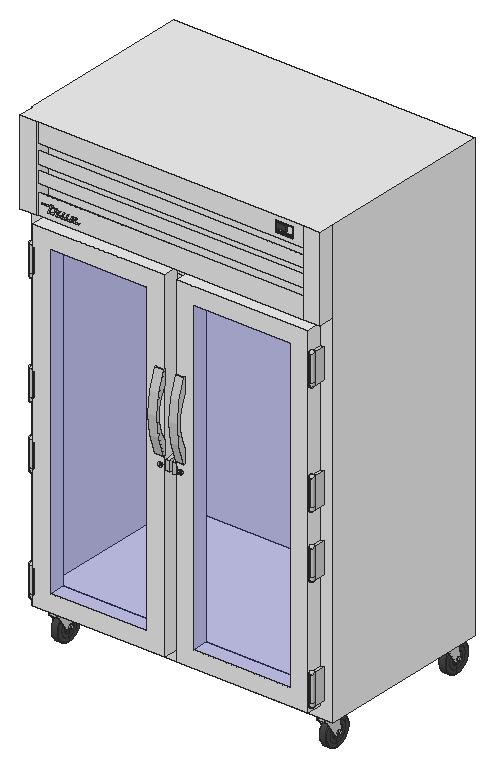
Revit family
Parameters
  Weight in Pounds = 0
  Watts = 3000 W
  Volts = 208 V
  URL Cutsheet = "www.truemfg.com"
  URL = "www.truemfg.com"
  Type Mark [instance] = ""
  Type Comments = ""
  Status [instance] = ""
  Specification by User [instance] = ""
  Specification by Manufacturer = ""
  Show Seismic Flanged [instance] = no
  Show Logo [instance] = yes
  Show Legs [instance] = no
  Show Clearance [instance] = yes
  Serial Number = ""
  Seismic Rating = ""
  Seismic Plate [instance] = and(Show Seismic Flanged, not(Show Casters))  # no
  SMACNA No = ""
  Revision Code [instance] = ""
  Phase = 1
  Omniclass Number and Title = ""
  Number of Poles [instance] = 1
  NAFEM Spec ID Number = ""
  Model = "STR2H-2G"
  Min Ckt Ampacity = 0 A
  Max Overcurrent Protection = 0 A
  Masterspec = ""
  Manufacturer = "TRUE FOOD SERVICE EQUIPMENT, INC."
  Length = 52 5/8"
  Legs [instance] = or(Show Legs, Show Seismic Flanged)  # no
  Item Number [instance] = ""
  Installed By [instance] = ""
  Identify Quantity as Lot [instance] = yes
  Height = 77 3/4"
  HP = ""
  Furnished By [instance] = ""
  Foodservice Equipment Identifier [instance] = yes
  FL Amps = Watts / Volts  # 14.4231 A
  Electrical Remarks [instance] = ""
  Electric Connection Type [instance] = ""
  Elec Conn RI Height [instance] = 0"
  Elec Conn Connection Height [instance] = 0"
  Description = "Reach-in Glass Swing Door Heated Cabinet"
  Depth = 33 3/4"
  Cycle = 60 Hz
  Conn Plug = "6-15P"
  Conn Conduit = yes
  Show Casters [instance] = and(not(if(Show Legs, Show Legs, Show Legs)), not(if(Show Legs, Show Legs, Show Seismic Flanged)))  # yes
  CSI MasterFormat = ""
  CSI Master Format = ""
  Apparent Power = if(Phase = 3, Volts * FL Amps * 1.73, Volts * FL Amps)  # 3000 VA
Reference planes (in)
  plane 1 "BACK": y = 0
  plane 2: z = 0
  plane 3 "LEFT": x = 0
  plane 4 "RIGHT": x = 52.625
  plane 5 "FRONT": y = -33.75
  plane 6 "TOP": z = 84.125
  plane 7: z = 6.125
  plane 8: x = 26.3125
  plane 9: x = 3
  plane 10: x = 49.9375
  plane 11: y = -33.7042
  plane 12: x = 26.3125
Forms (in)
  Extrusion 1, solid, material "QF_Finishes_Chrome - Satin"
    sketch origin (0.05, 0, 0) x (1, 0, 0) y (0, 1, 0)
      loop
        line (-0.05, 0) -> (-0.05, -31) -> (2.35625, -31) -> (2.35625, 0) -> (-0.05, 0)
    from 6.125 to 84.125
  Extrusion 2, solid, material "QF_Finishes_Chrome - Satin"
    sketch origin (49.99375, 0, 0) x (1, 0, 0) y (0, 1, 0)
      loop
        line (0.225, 0) -> (0.225, -31) -> (2.63125, -31) -> (2.63125, 0) -> (0.225, 0)
    from 6.125 to 84.125
  Extrusion 3, solid, material "QF_Finishes_Chrome - Satin"
    sketch origin (0, 0, 0) x (0, 1, 0) y (0, 0, 1)
      loop
        line (-33.7042, 69.5) -> (-31, 69.5) -> (-31, 66.96875) -> (-2, 66.96875) -> (-2, 9.98627) -> (-31, 9.98627) -> (-31, 6.125) -> (0, 6.125) -> (0, 84.125) -> (-33.7042, 84.125) -> (-33.7042, 80.78078) -> (-31.5, 79.21352) -> (-31.5, 78.09125) -> (-33.7042, 79.65851) -> (-33.7042, 77.5248) -> (-31.5, 75.95754) -> (-31.5, 74.99678) -> (-33.7042, 76.56404) -> (-33.7042, 74.46784) -> (-31.5, 72.90057) -> (-31.5, 71.625) -> (-33.7042, 73.19226) -> (-33.7042, 69.5)
    from 2.25 to 50.21875
  Extrusion 4, solid, material "QF_Finishes_Chrome - Satin"
    sketch origin (0, 0, 0) x (1, 0, 0) y (0, 1, 0)
      loop
        line (52.54687, -31) -> (49.66032, -31) -> (49.66032, -33.75) -> (52.54687, -33.75) -> (52.54687, -31)
    from 69.5 to 84.125
  Extrusion 5, solid, material "QF_Finishes_Chrome - Satin"
    sketch origin (-50.125, 0, 0.25) x (1, 0, 0) y (0, 1, 0)
      loop
        line (53.20984, -31) -> (50.20312, -31) -> (50.20312, -33.75) -> (53.20984, -33.75) -> (53.20984, -31)
    from 69.25 to 83.875
  Extrusion 6, solid, material "QF_Finishes_Chrome - Satin"
    sketch origin (0, 0, -0.71875) x (1, 0, 0) y (0, 0, 1)
      loop
        line (2.40625, 68.6875) -> (2.40625, 8.75) -> (25.34375, 8.75) -> (25.34375, 68.6875) -> (2.40625, 68.6875)
      loop
        line (50.375, 68.6875) -> (27.4375, 68.6875) -> (27.4375, 8.75) -> (50.375, 8.75) -> (50.375, 68.6875)
      loop
        line (5.40625, 65.6875) -> (5.40625, 11.75) -> (22.34375, 11.75) -> (22.34375, 65.6875) -> (5.40625, 65.6875)
      loop
        line (30.4375, 65.6875) -> (30.4375, 11.75) -> (47.375, 11.75) -> (47.375, 65.6875) -> (30.4375, 65.6875)
    from 31 to 33.75
  Extrusion 7, solid, material "QF_Finishes_Handrails and Railings"
    sketch origin (1.875, 0, -2) x (1, 0, 0) y (0, 0, 1)
      loop
        circle (22.76563, 40.0625) r 0.35
      loop
        line (22.73047, 40.33635) -> (22.73047, 39.76895) -> (22.78597, 39.76895) -> (22.78597, 40.33635) -> (22.73047, 40.33635)
      loop
        circle (26.3125, 40.0625) r 0.35
      loop
        line (26.34765, 40.33635) -> (26.29215, 40.33635) -> (26.29215, 39.76895) -> (26.34765, 39.76895) -> (26.34765, 40.33635)
    from 33.5 to 33.83066
  Extrusion 8, solid, material "QF_Finishes_Handrails and Railings", visible <- "Show Logo"
    sketch origin (0.33478, 1.08173, -6.73143) x (1, 0, 0) y (0, 0, 1)
      loop
        line (3.61669, 78.46231) -> (3.51103, 78.23573) -> (4.91652, 78.23573)
        arc (4.91652, 78.23573) -> (4.94504, 78.18528) -> (4.91652, 78.13484) r 0.05887
        line (4.91652, 78.13484) -> (4.54994, 77.34872)
        arc (4.54994, 77.34872) -> (4.54676, 77.27591) -> (4.596, 77.22217) r 0.09523
        line (4.596, 77.22217) -> (5.49469, 77.22217)
        arc (5.49469, 77.22217) -> (5.60817, 77.25795) -> (5.68061, 77.35235) r 0.19785
        line (5.68061, 77.35235) -> (5.9691, 77.97101) -> (6.23415, 77.97101)
        arc (6.23415, 77.97101) -> (6.30369, 77.94543) -> (6.29362, 77.87203) r 0.05911
        line (6.29362, 77.87203) -> (6.05223, 77.35437)
        arc (6.05223, 77.35437) -> (6.05599, 77.2684) -> (6.12856, 77.22217) r 0.09318
        line (6.12856, 77.22217) -> (6.91823, 77.22217)
        arc (6.91823, 77.22217) -> (6.97874, 77.24419) -> (7.01093, 77.29995) r 0.09412
        arc (7.01093, 77.29995) -> (7.03371, 77.24495) -> (7.08871, 77.22217) r 0.07778
        line (7.08871, 77.22217) -> (7.58871, 77.22217)
        arc (7.58871, 77.22217) -> (7.64647, 77.23765) -> (7.68876, 77.27993) r 0.11552
        arc (7.68876, 77.27993) -> (7.709, 77.23106) -> (7.75787, 77.21081) r 0.06912
        line (7.75787, 77.21081) -> (8.4685, 77.21081)
        arc (8.4685, 77.21081) -> (8.52659, 77.23488) -> (8.55066, 77.29297) r 0.08216
        arc (8.55066, 77.29297) -> (8.60392, 77.23972) -> (8.67667, 77.22022) r 0.14551
        line (8.67667, 77.22022) -> (10.00783, 77.22022) -> (10.15571, 77.47634) -> (8.81303, 77.47634)
        arc (8.81303, 77.47634) -> (8.77597, 77.50204) -> (8.77459, 77.54711) r 0.05009
        line (8.77459, 77.54711) -> (8.79782, 77.59692)
        arc (8.79782, 77.59692) -> (8.83348, 77.64364) -> (8.88952, 77.66135) r 0.09747
        line (8.88952, 77.66135) -> (9.3211, 77.66135)
        arc (9.3211, 77.66135) -> (9.41425, 77.68631) -> (9.48244, 77.7545) r 0.1863
        line (9.48244, 77.7545) -> (9.60744, 77.97101)
        arc (9.60744, 77.97101) -> (9.60744, 78.08657) -> (9.50736, 78.14434) r 0.11556
        line (9.50736, 78.14434) -> (9.05187, 78.14434)
        arc (9.05187, 78.14434) -> (8.93575, 78.12462) -> (8.85474, 78.03912) r 0.18605
        line (8.85474, 78.03912) -> (8.63829, 77.57493)
        arc (8.63829, 77.57493) -> (8.5744, 77.49167) -> (8.47431, 77.46011) r 0.1745
        line (8.47431, 77.46011) -> (8.00184, 77.46011)
        arc (8.00184, 77.46011) -> (7.94528, 77.52184) -> (7.94893, 77.60548) r 0.10939
        line (7.94893, 77.60548) -> (8.2002, 78.14434) -> (8.04028, 78.14434) -> (7.77406, 77.57344)
        arc (7.77406, 77.57344) -> (7.72234, 77.50603) -> (7.6413, 77.48048) r 0.14128
        line (7.6413, 77.48048) -> (7.3155, 77.48048)
        arc (7.3155, 77.48048) -> (7.26044, 77.55223) -> (7.27225, 77.64189) r 0.11816
        line (7.27225, 77.64189) -> (7.50655, 78.14434) -> (7.34139, 78.14434) -> (7.07171, 77.566)
        arc (7.07171, 77.566) -> (7.0091, 77.50339) -> (6.92358, 77.48048) r 0.17104
        line (6.92358, 77.48048) -> (6.4518, 77.48048)
        arc (6.4518, 77.48048) -> (6.36707, 77.51999) -> (6.35892, 77.61313) r 0.0935
        line (6.35892, 77.61313) -> (6.51399, 77.94569) -> (6.7332, 77.94569)
        arc (6.7332, 77.94569) -> (6.7702, 78.05717) -> (6.84892, 78.14434) r 0.2857
        line (6.84892, 78.14434) -> (5.9923, 78.14434)
        arc (5.9923, 78.14434) -> (5.89711, 78.12324) -> (5.83123, 78.05135) r 0.16212
        line (5.83123, 78.05135) -> (5.59904, 77.55341)
        arc (5.59904, 77.55341) -> (5.54565, 77.50002) -> (5.47272, 77.48048) r 0.14586
        line (5.47272, 77.48048) -> (4.96131, 77.48048)
        arc (4.96131, 77.48048) -> (4.92139, 77.53442) -> (4.92899, 77.60109) r 0.09155
        line (4.92899, 77.60109) -> (5.26643, 78.23573) -> (6.1178, 78.23573) -> (6.22346, 78.46231) -> (5.37209, 78.46231) -> (5.47774, 78.68888) -> (5.17487, 78.68888) -> (5.06922, 78.46231) -> (3.61669, 78.46231)
      loop
        arc (8.9943, 77.93863) -> (8.95744, 77.92875) -> (8.93045, 77.90176) r 0.07373
        line (8.93045, 77.90176) -> (8.90854, 77.83436)
        arc (8.90854, 77.83436) -> (8.9187, 77.80983) -> (8.94324, 77.79966) r 0.0347
        line (8.94324, 77.79966) -> (9.31573, 77.79966)
        arc (9.31573, 77.79966) -> (9.34257, 77.80561) -> (9.36437, 77.82234) r 0.0635
        line (9.36437, 77.82234) -> (9.38249, 77.90622)
        arc (9.38249, 77.90622) -> (9.37716, 77.92868) -> (9.35634, 77.93863) r 0.02676
        line (9.35634, 77.93863) -> (8.9943, 77.93863)
    from 34.76797 to 34.83173
  Extrusion 9, solid
    sketch origin (0, 0, 0) x (1, 0, 0) y (0, 0, 1)
      loop
        circle (49.53125, 82) r 0.25
    from 0 to 0.0625
  Extrusion 10, solid, material "QF_Finishes_Handrails and Railings"
    sketch origin (36.22106, -0.25, 93.43167) x (0, 1, 0) y (0, 0, -1)
      loop
        line (-33.5, 53.875) -> (-33.7, 53.875)
        arc (-33.7, 53.875) -> (-35.14405, 47.075) -> (-33.7, 40.275) r 16.7325
        line (-33.7, 40.275) -> (-33.5, 40.275) -> (-33.5, 42.675)
        arc (-33.5, 42.675) -> (-34.65816, 47.075) -> (-33.5, 51.475) r 8.93715
        line (-33.5, 51.475) -> (-33.5, 53.875)
    from 10.87731 to 12.37731
  Blend 11, solid, material "QF_Finishes_Handrails and Railings"
    base sketch origin (0.01562, 0, 0) x (1, 0, 0) y (0, 0, 1)
      loop
        line (25.32813, 38.99169) -> (25.32813, 37.24169) -> (26.07813, 37.24169) -> (26.07813, 38.99169) -> (25.32813, 38.99169)
    top sketch origin (0.01562, 0, 0) x (1, 0, 0) y (0, 0, 1)
      loop
        line (26.26036, 36.6441) -> (26.26036, 39.42643) -> (25.32813, 39.42643) -> (25.32813, 36.6441) -> (26.26036, 36.6441)
    from 33.57883 to 31
  Blend 12, solid, material "QF_Finishes_Handrails and Railings"
    base sketch origin (52.6875, 0, 0) x (-1, 0, 0) y (0, 0, -1)
      loop
        line (25.25, -38.99169) -> (26, -38.99169) -> (26, -37.24169) -> (25.25, -37.24169) -> (25.25, -38.99169)
    top sketch origin (52.6875, 0, 0) x (-1, 0, 0) y (0, 0, -1)
      loop
        line (26.18223, -36.6441) -> (25.25, -36.6441) -> (25.25, -39.42643) -> (26.18223, -39.42643) -> (26.18223, -36.6441)
    from 33.57883 to 31
  Extrusion 13, solid, material "QF_Finishes_Handrails and Railings"
    sketch origin (1.28125, 0, 0) x (0, 1, 0) y (0, 0, 1)
      loop
        line (-31, 64.55229) -> (-32.61044, 64.55229)
        arc (-32.61044, 64.55229) -> (-32.75506, 64.49238) -> (-32.81497, 64.34776) r 0.20453
        line (-32.81497, 64.34776) -> (-32.81497, 59.94848) -> (-33.25, 59.94848) -> (-33.25, 59.23627) -> (-31, 59.23627) -> (-31, 64.55229)
    from 0.17506 to 1
  Revolve 14, solid, material "QF_Finishes_Handrails and Railings"
    sketch origin (1.78125, 0, 0) x (0, 1, 0) y (0, 0, 1)
      loop
        line (-33.26563, 60.00189) -> (-33.26563, 64.81483)
        arc (-33.26563, 64.81483) -> (-33.53722, 64.72557) -> (-33.67229, 64.4736) r 0.3848
        line (-33.67229, 64.4736) -> (-33.67229, 60.00189) -> (-33.26563, 60.00189)
      loop
        line (-33.26563, 59.94848) -> (-33.67229, 59.94848) -> (-33.67229, 59.37712)
        arc (-33.67229, 59.37712) -> (-33.53264, 59.13383) -> (-33.26563, 59.04781) r 0.38884
        line (-33.26563, 59.04781) -> (-33.26563, 59.94848)
      axis (-33.26563, 59.04781) -> (-33.26563, 64.81483)
    angle from 0 to 360
  Extrusion 15, solid, material "QF_Finishes_Handrails and Railings"
    sketch origin (-0.03125, 0, 0) x (1, 0, 0) y (0, 0, 1)
      loop
        line (2.07116, 64.4736) -> (2.07116, 60.00079) -> (2.46875, 60.00079) -> (2.46875, 64.4736) -> (2.07116, 64.4736)
    from 32.81497 to 33.59495
  Extrusion 16, solid, material "QF_Finishes_Handrails and Railings"
    sketch origin (1.28125, 0, -19.5) x (0, 1, 0) y (0, 0, 1)
      loop
        line (-31, 64.55229) -> (-32.61044, 64.55229)
        arc (-32.61044, 64.55229) -> (-32.75506, 64.49238) -> (-32.81497, 64.34776) r 0.20453
        line (-32.81497, 64.34776) -> (-32.81497, 59.94848) -> (-33.25, 59.94848) -> (-33.25, 59.23627) -> (-31, 59.23627) -> (-31, 64.55229)
    from 0.17506 to 1
  Revolve 17, solid, material "QF_Finishes_Handrails and Railings"
    sketch origin (1.78125, 0, -19.5) x (0, 1, 0) y (0, 0, 1)
      loop
        line (-33.26563, 60.00189) -> (-33.26563, 64.81483)
        arc (-33.26563, 64.81483) -> (-33.53722, 64.72557) -> (-33.67229, 64.4736) r 0.3848
        line (-33.67229, 64.4736) -> (-33.67229, 60.00189) -> (-33.26563, 60.00189)
      loop
        line (-33.26563, 59.94848) -> (-33.67229, 59.94848) -> (-33.67229, 59.37712)
        arc (-33.67229, 59.37712) -> (-33.53264, 59.13383) -> (-33.26563, 59.04781) r 0.38884
        line (-33.26563, 59.04781) -> (-33.26563, 59.94848)
      axis (-33.26563, 59.04781) -> (-33.26563, 64.81483)
    angle from 0 to 360
  Extrusion 18, solid, material "QF_Finishes_Handrails and Railings"
    sketch origin (-0.03125, 0, -19.5) x (1, 0, 0) y (0, 0, 1)
      loop
        line (2.07116, 64.4736) -> (2.07116, 60.00079) -> (2.46875, 60.00079) -> (2.46875, 64.4736) -> (2.07116, 64.4736)
    from 32.81497 to 33.59495
  Extrusion 19, solid, material "QF_Finishes_Handrails and Railings"
    sketch origin (1.28125, 0, -30.5) x (0, 1, 0) y (0, 0, 1)
      loop
        line (-31, 64.55229) -> (-32.61044, 64.55229)
        arc (-32.61044, 64.55229) -> (-32.75506, 64.49238) -> (-32.81497, 64.34776) r 0.20453
        line (-32.81497, 64.34776) -> (-32.81497, 59.94848) -> (-33.25, 59.94848) -> (-33.25, 59.23627) -> (-31, 59.23627) -> (-31, 64.55229)
    from 0.17506 to 1
  Revolve 20, solid, material "QF_Finishes_Handrails and Railings"
    sketch origin (1.78125, 0, -30.5) x (0, 1, 0) y (0, 0, 1)
      loop
        line (-33.26563, 60.00189) -> (-33.26563, 64.81483)
        arc (-33.26563, 64.81483) -> (-33.53722, 64.72557) -> (-33.67229, 64.4736) r 0.3848
        line (-33.67229, 64.4736) -> (-33.67229, 60.00189) -> (-33.26563, 60.00189)
      loop
        line (-33.26563, 59.94848) -> (-33.67229, 59.94848) -> (-33.67229, 59.37712)
        arc (-33.67229, 59.37712) -> (-33.53264, 59.13383) -> (-33.26563, 59.04781) r 0.38884
        line (-33.26563, 59.04781) -> (-33.26563, 59.94848)
      axis (-33.26563, 59.04781) -> (-33.26563, 64.81483)
    angle from 0 to 360
  Extrusion 21, solid, material "QF_Finishes_Handrails and Railings"
    sketch origin (-0.03125, 0, -30.5) x (1, 0, 0) y (0, 0, 1)
      loop
        line (2.07116, 64.4736) -> (2.07116, 60.00079) -> (2.46875, 60.00079) -> (2.46875, 64.4736) -> (2.07116, 64.4736)
    from 32.81497 to 33.59495
  Extrusion 22, solid, material "QF_Finishes_Handrails and Railings"
    sketch origin (1.28125, 0, -50.25) x (0, 1, 0) y (0, 0, 1)
      loop
        line (-31, 64.55229) -> (-32.61044, 64.55229)
        arc (-32.61044, 64.55229) -> (-32.75506, 64.49238) -> (-32.81497, 64.34776) r 0.20453
        line (-32.81497, 64.34776) -> (-32.81497, 59.94848) -> (-33.25, 59.94848) -> (-33.25, 59.23627) -> (-31, 59.23627) -> (-31, 64.55229)
    from 0.17506 to 1
  Revolve 23, solid, material "QF_Finishes_Handrails and Railings"
    sketch origin (1.78125, 0, -50.25) x (0, 1, 0) y (0, 0, 1)
      loop
        line (-33.26563, 60.00189) -> (-33.26563, 64.81483)
        arc (-33.26563, 64.81483) -> (-33.53722, 64.72557) -> (-33.67229, 64.4736) r 0.3848
        line (-33.67229, 64.4736) -> (-33.67229, 60.00189) -> (-33.26563, 60.00189)
      loop
        line (-33.26563, 59.94848) -> (-33.67229, 59.94848) -> (-33.67229, 59.37712)
        arc (-33.67229, 59.37712) -> (-33.53264, 59.13383) -> (-33.26563, 59.04781) r 0.38884
        line (-33.26563, 59.04781) -> (-33.26563, 59.94848)
      axis (-33.26563, 59.04781) -> (-33.26563, 64.81483)
    angle from 0 to 360
  Extrusion 24, solid, material "QF_Finishes_Handrails and Railings"
    sketch origin (-0.03125, 0, -50.25) x (1, 0, 0) y (0, 0, 1)
      loop
        line (2.07116, 64.4736) -> (2.07116, 60.00079) -> (2.46875, 60.00079) -> (2.46875, 64.4736) -> (2.07116, 64.4736)
    from 32.81497 to 33.59495
  Extrusion 25, solid, material "QF_Finishes_Handrails and Railings"
    sketch origin (51.1875, 0, 0) x (0, 1, 0) y (0, 0, -1)
      loop
        line (-31, -64.55229) -> (-31, -59.23627) -> (-33.25, -59.23627) -> (-33.25, -59.94848) -> (-32.81497, -59.94848) -> (-32.81497, -64.34776)
        arc (-32.81497, -64.34776) -> (-32.75506, -64.49238) -> (-32.61044, -64.55229) r 0.20453
        line (-32.61044, -64.55229) -> (-31, -64.55229)
    from 0.17506 to 1
  Revolve 26, solid, material "QF_Finishes_Handrails and Railings"
    sketch origin (50.6875, 0, 0) x (0, 1, 0) y (0, 0, -1)
      loop
        line (-33.26563, -60.00189) -> (-33.67229, -60.00189) -> (-33.67229, -64.4736)
        arc (-33.67229, -64.4736) -> (-33.53722, -64.72557) -> (-33.26563, -64.81483) r 0.3848
        line (-33.26563, -64.81483) -> (-33.26563, -60.00189)
      loop
        line (-33.26563, -59.94848) -> (-33.26563, -59.04781)
        arc (-33.26563, -59.04781) -> (-33.53264, -59.13383) -> (-33.67229, -59.37712) r 0.38884
        line (-33.67229, -59.37712) -> (-33.67229, -59.94848) -> (-33.26563, -59.94848)
      axis (-33.26563, -59.04781) -> (-33.26563, -64.81483)
    angle from 0 to 360
  Extrusion 27, solid, material "QF_Finishes_Handrails and Railings"
    sketch origin (52.5, 0, 0) x (-1, 0, 0) y (0, 0, -1)
      loop
        line (1.75866, -64.4736) -> (2.15625, -64.4736) -> (2.15625, -60.00079) -> (1.75866, -60.00079) -> (1.75866, -64.4736)
    from 32.81497 to 33.59495
  Extrusion 28, solid, material "QF_Finishes_Handrails and Railings"
    sketch origin (51.1875, 0, -19.5) x (0, 1, 0) y (0, 0, -1)
      loop
        line (-31, -64.55229) -> (-31, -59.23627) -> (-33.25, -59.23627) -> (-33.25, -59.94848) -> (-32.81497, -59.94848) -> (-32.81497, -64.34776)
        arc (-32.81497, -64.34776) -> (-32.75506, -64.49238) -> (-32.61044, -64.55229) r 0.20453
        line (-32.61044, -64.55229) -> (-31, -64.55229)
    from 0.17506 to 1
  Revolve 29, solid, material "QF_Finishes_Handrails and Railings"
    sketch origin (50.6875, 0, -19.5) x (0, 1, 0) y (0, 0, -1)
      loop
        line (-33.26563, -60.00189) -> (-33.67229, -60.00189) -> (-33.67229, -64.4736)
        arc (-33.67229, -64.4736) -> (-33.53722, -64.72557) -> (-33.26563, -64.81483) r 0.3848
        line (-33.26563, -64.81483) -> (-33.26563, -60.00189)
      loop
        line (-33.26563, -59.94848) -> (-33.26563, -59.04781)
        arc (-33.26563, -59.04781) -> (-33.53264, -59.13383) -> (-33.67229, -59.37712) r 0.38884
        line (-33.67229, -59.37712) -> (-33.67229, -59.94848) -> (-33.26563, -59.94848)
      axis (-33.26563, -59.04781) -> (-33.26563, -64.81483)
    angle from 0 to 360
  Extrusion 30, solid, material "QF_Finishes_Handrails and Railings"
    sketch origin (52.5, 0, -19.5) x (-1, 0, 0) y (0, 0, -1)
      loop
        line (1.75866, -64.4736) -> (2.15625, -64.4736) -> (2.15625, -60.00079) -> (1.75866, -60.00079) -> (1.75866, -64.4736)
    from 32.81497 to 33.59495
  Extrusion 31, solid, material "QF_Finishes_Handrails and Railings"
    sketch origin (51.1875, 0, -30.5) x (0, 1, 0) y (0, 0, -1)
      loop
        line (-31, -64.55229) -> (-31, -59.23627) -> (-33.25, -59.23627) -> (-33.25, -59.94848) -> (-32.81497, -59.94848) -> (-32.81497, -64.34776)
        arc (-32.81497, -64.34776) -> (-32.75506, -64.49238) -> (-32.61044, -64.55229) r 0.20453
        line (-32.61044, -64.55229) -> (-31, -64.55229)
    from 0.17506 to 1
  Revolve 32, solid, material "QF_Finishes_Handrails and Railings"
    sketch origin (50.6875, 0, -30.5) x (0, 1, 0) y (0, 0, -1)
      loop
        line (-33.26563, -60.00189) -> (-33.67229, -60.00189) -> (-33.67229, -64.4736)
        arc (-33.67229, -64.4736) -> (-33.53722, -64.72557) -> (-33.26563, -64.81483) r 0.3848
        line (-33.26563, -64.81483) -> (-33.26563, -60.00189)
      loop
        line (-33.26563, -59.94848) -> (-33.26563, -59.04781)
        arc (-33.26563, -59.04781) -> (-33.53264, -59.13383) -> (-33.67229, -59.37712) r 0.38884
        line (-33.67229, -59.37712) -> (-33.67229, -59.94848) -> (-33.26563, -59.94848)
      axis (-33.26563, -59.04781) -> (-33.26563, -64.81483)
    angle from 0 to 360
  Extrusion 33, solid, material "QF_Finishes_Handrails and Railings"
    sketch origin (52.5, 0, -30.5) x (-1, 0, 0) y (0, 0, -1)
      loop
        line (1.75866, -64.4736) -> (2.15625, -64.4736) -> (2.15625, -60.00079) -> (1.75866, -60.00079) -> (1.75866, -64.4736)
    from 32.81497 to 33.59495
  Extrusion 34, solid, material "QF_Finishes_Handrails and Railings"
    sketch origin (51.1875, 0, -50.25) x (0, 1, 0) y (0, 0, -1)
      loop
        line (-31, -64.55229) -> (-31, -59.23627) -> (-33.25, -59.23627) -> (-33.25, -59.94848) -> (-32.81497, -59.94848) -> (-32.81497, -64.34776)
        arc (-32.81497, -64.34776) -> (-32.75506, -64.49238) -> (-32.61044, -64.55229) r 0.20453
        line (-32.61044, -64.55229) -> (-31, -64.55229)
    from 0.17506 to 1
  Revolve 35, solid, material "QF_Finishes_Handrails and Railings"
    sketch origin (50.6875, 0, -50.25) x (0, 1, 0) y (0, 0, -1)
      loop
        line (-33.26563, -60.00189) -> (-33.67229, -60.00189) -> (-33.67229, -64.4736)
        arc (-33.67229, -64.4736) -> (-33.53722, -64.72557) -> (-33.26563, -64.81483) r 0.3848
        line (-33.26563, -64.81483) -> (-33.26563, -60.00189)
      loop
        line (-33.26563, -59.94848) -> (-33.26563, -59.04781)
        arc (-33.26563, -59.04781) -> (-33.53264, -59.13383) -> (-33.67229, -59.37712) r 0.38884
        line (-33.67229, -59.37712) -> (-33.67229, -59.94848) -> (-33.26563, -59.94848)
      axis (-33.26563, -59.04781) -> (-33.26563, -64.81483)
    angle from 0 to 360
  Extrusion 36, solid, material "QF_Finishes_Handrails and Railings"
    sketch origin (52.5, 0, -50.25) x (-1, 0, 0) y (0, 0, -1)
      loop
        line (1.75866, -64.4736) -> (2.15625, -64.4736) -> (2.15625, -60.00079) -> (1.75866, -60.00079) -> (1.75866, -64.4736)
    from 32.81497 to 33.59495
  Revolve 37, solid, material "QF_Finishes_Black", visible <- "Show Casters"
    sketch origin (47.78125, -27.375, 0) x (1, 0, 0) y (0, 0, 1)
      loop
        line (1.63125, 5) -> (1.53125, 4.9) -> (1.53125, 4.29941) -> (1.69226, 4.29941) -> (1.69226, 3.54941) -> (1.53125, 3.54941) -> (1.53125, 2.79941) -> (1.13125, 2.79941) -> (1.13125, 2.5) -> (3.18125, 2.5) -> (3.18125, 2.79941) -> (2.78533, 2.79941) -> (2.78533, 3.54941) -> (2.62024, 3.54941) -> (2.62024, 4.29941) -> (2.78533, 4.29941) -> (2.78533, 4.89592) -> (2.68125, 5) -> (1.63125, 5)
      axis (3.18125, 2.5) -> (1.13125, 2.5)
    angle from 0 to 360
  Extrusion 38, solid, material "QF_Finishes_Handrails and Railings", visible <- "Show Casters"
    sketch origin (47.78125, 0, 0) x (0, 1, 0) y (0, 0, 1)
      loop
        line (-29.95136, 5.48574) -> (-29.95136, 4.88089) -> (-29.70136, 4.88089) -> (-27.95216, 2.18736)
        arc (-27.95216, 2.18736) -> (-27.23883, 1.94868) -> (-26.84581, 2.59003) r 0.60416
        line (-26.84581, 2.59003) -> (-27.20136, 5.48574) -> (-29.95136, 5.48574)
      loop
        line (-3.8577, 5.48574) -> (-3.8577, 4.88089) -> (-3.6077, 4.88089) -> (-1.8585, 2.18736)
        arc (-1.8585, 2.18736) -> (-1.14517, 1.94868) -> (-0.75215, 2.59003) r 0.60416
        line (-0.75215, 2.59003) -> (-1.1077, 5.48574) -> (-3.8577, 5.48574)
    from 1.175 to 1.325
  Extrusion 39, solid, material "QF_Finishes_Handrails and Railings", visible <- "Show Casters"
    sketch origin (49.28125, 0, 0) x (0, 1, 0) y (0, 0, 1)
      loop
        line (-29.95136, 5.48574) -> (-29.95136, 4.88089) -> (-29.70136, 4.88089) -> (-27.95216, 2.18736)
        arc (-27.95216, 2.18736) -> (-27.23883, 1.94868) -> (-26.84581, 2.59003) r 0.60416
        line (-26.84581, 2.59003) -> (-27.20136, 5.48574) -> (-29.95136, 5.48574)
      loop
        line (-3.8577, 5.48574) -> (-3.8577, 4.88089) -> (-3.6077, 4.88089) -> (-1.8585, 2.18736)
        arc (-1.8585, 2.18736) -> (-1.14517, 1.94868) -> (-0.75215, 2.59003) r 0.60416
        line (-0.75215, 2.59003) -> (-1.1077, 5.48574) -> (-3.8577, 5.48574)
    from 1.175 to 1.325
  Revolve 40, solid, material "QF_Finishes_Chrome - Satin", visible <- "Show Casters"
    sketch origin (47.78125, -28.5625, -0.5) x (1, 0, 0) y (0, 0, 1)
      loop
        line (2.15625, 5.99546) -> (2.15625, 6.62359) -> (0.85918, 6.62359) -> (0.85918, 5.99546) -> (2.15625, 5.99546)
      axis (2.15625, 5.99546) -> (2.15625, 6.62359)
    angle from 0 to 360
  Revolve 41, solid, material "QF_Finishes_Chrome - Satin", visible <- "Legs"
    sketch origin (47.78125, -2.69102, 0) x (1, 0, 0) y (0, 0, 1)
      loop
        line (2.15625, 6.125) -> (0.82287, 6.125) -> (1.40625, 1) -> (1.65625, 1) -> (1.65625, 0) -> (2.15625, 0) -> (2.15625, 6.125)
      axis (2.15625, 0) -> (2.15625, 6.125)
    angle from 0 to 360
  Revolve 42, solid, material "QF_Finishes_Chrome - Satin", visible <- "Legs"
    sketch origin (47.78125, -28.65977, 0) x (1, 0, 0) y (0, 0, 1)
      loop
        line (2.15625, 6.125) -> (0.82287, 6.125) -> (1.40625, 1) -> (1.65625, 1) -> (1.65625, 0) -> (2.15625, 0) -> (2.15625, 6.125)
      axis (2.15625, 0) -> (2.15625, 6.125)
    angle from 0 to 360
  Revolve 43, solid, material "QF_Finishes_Chrome - Satin", visible <- "Show Casters"
    sketch origin (47.78125, -2.70321, -0.5) x (1, 0, 0) y (0, 0, 1)
      loop
        line (2.15625, 5.99546) -> (2.15625, 6.62359) -> (0.85918, 6.62359) -> (0.85918, 5.99546) -> (2.15625, 5.99546)
      axis (2.15625, 5.99546) -> (2.15625, 6.62359)
    angle from 0 to 360
  Extrusion 44, solid, material "QF_Finishes_Handrails and Railings", visible <- "Show Casters"
    sketch origin (0, 0, 0) x (0, 1, 0) y (0, 0, 1)
      loop
        line (-29.95136, 5.48574) -> (-29.95136, 4.88089) -> (-29.70136, 4.88089) -> (-27.16533, 5.19227) -> (-27.20136, 5.48574) -> (-29.95136, 5.48574)
      loop
        line (-3.8577, 5.48574) -> (-3.8577, 4.88089) -> (-3.6077, 4.88089) -> (-1.07167, 5.19227) -> (-1.1077, 5.48574) -> (-3.8577, 5.48574)
    from 49.10625 to 50.45625
  Revolve 45, solid, material "QF_Finishes_Black", visible <- "Show Casters"
    sketch origin (47.78125, -1.21875, 0) x (1, 0, 0) y (0, 0, 1)
      loop
        line (1.63125, 5) -> (1.53125, 4.9) -> (1.53125, 4.29941) -> (1.69226, 4.29941) -> (1.69226, 3.54941) -> (1.53125, 3.54941) -> (1.53125, 2.79941) -> (1.13125, 2.79941) -> (1.13125, 2.5) -> (3.18125, 2.5) -> (3.18125, 2.79941) -> (2.78533, 2.79941) -> (2.78533, 3.54941) -> (2.62024, 3.54941) -> (2.62024, 4.29941) -> (2.78533, 4.29941) -> (2.78533, 4.89592) -> (2.68125, 5) -> (1.63125, 5)
      axis (3.18125, 2.5) -> (1.13125, 2.5)
    angle from 0 to 360
  Revolve 46, solid, material "QF_Finishes_Black", visible <- "Show Casters"
    sketch origin (0.84375, -27.375, 0) x (1, 0, 0) y (0, 0, 1)
      loop
        line (1.63125, 5) -> (1.53125, 4.9) -> (1.53125, 4.29941) -> (1.69226, 4.29941) -> (1.69226, 3.54941) -> (1.53125, 3.54941) -> (1.53125, 2.79941) -> (0.975, 2.79941) -> (0.975, 2.5) -> (3.18125, 2.5) -> (3.18125, 2.79941) -> (2.78533, 2.79941) -> (2.78533, 3.54941) -> (2.62024, 3.54941) -> (2.62024, 4.29941) -> (2.78533, 4.29941) -> (2.78533, 4.89592) -> (2.68125, 5) -> (1.63125, 5)
      axis (3.18125, 2.5) -> (0.975, 2.5)
    angle from 0 to 360
  Extrusion 47, solid, material "QF_Finishes_Handrails and Railings", visible <- "Show Casters"
    sketch origin (0.84375, 0, 0) x (0, 1, 0) y (0, 0, 1)
      loop
        line (-29.95136, 5.48574) -> (-29.95136, 4.88089) -> (-29.70136, 4.88089) -> (-27.95216, 2.18736)
        arc (-27.95216, 2.18736) -> (-27.23883, 1.94868) -> (-26.84581, 2.59003) r 0.60416
        line (-26.84581, 2.59003) -> (-27.20136, 5.48574) -> (-29.95136, 5.48574)
      loop
        line (-3.8577, 5.48574) -> (-3.8577, 4.88089) -> (-3.6077, 4.88089) -> (-1.8585, 2.18736)
        arc (-1.8585, 2.18736) -> (-1.14517, 1.94868) -> (-0.75215, 2.59003) r 0.60416
        line (-0.75215, 2.59003) -> (-1.1077, 5.48574) -> (-3.8577, 5.48574)
    from 1.175 to 1.325
  Extrusion 48, solid, material "QF_Finishes_Handrails and Railings", visible <- "Show Casters"
    sketch origin (2.34375, 0, 0) x (0, 1, 0) y (0, 0, 1)
      loop
        line (-29.95136, 5.48574) -> (-29.95136, 4.88089) -> (-29.70136, 4.88089) -> (-27.95216, 2.18736)
        arc (-27.95216, 2.18736) -> (-27.23883, 1.94868) -> (-26.84581, 2.59003) r 0.60416
        line (-26.84581, 2.59003) -> (-27.20136, 5.48574) -> (-29.95136, 5.48574)
      loop
        line (-3.8577, 5.48574) -> (-3.8577, 4.88089) -> (-3.6077, 4.88089) -> (-1.8585, 2.18736)
        arc (-1.8585, 2.18736) -> (-1.14517, 1.94868) -> (-0.75215, 2.59003) r 0.60416
        line (-0.75215, 2.59003) -> (-1.1077, 5.48574) -> (-3.8577, 5.48574)
    from 1.175 to 1.325
  Revolve 49, solid, material "QF_Finishes_Chrome - Satin", visible <- "Show Casters"
    sketch origin (0.84375, -28.5625, -0.5) x (1, 0, 0) y (0, 0, 1)
      loop
        line (2.15625, 5.99546) -> (2.15625, 6.62359) -> (0.85918, 6.62359) -> (0.85918, 5.99546) -> (2.15625, 5.99546)
      axis (2.15625, 5.99546) -> (2.15625, 6.62359)
    angle from 0 to 360
  Revolve 50, solid, material "QF_Finishes_Chrome - Satin", visible <- "Legs"
    sketch origin (0.84375, -2.69102, 0) x (1, 0, 0) y (0, 0, 1)
      loop
        line (2.15625, 6.125) -> (0.82287, 6.125) -> (1.40625, 1) -> (1.65625, 1) -> (1.65625, 0) -> (2.15625, 0) -> (2.15625, 6.125)
      axis (2.15625, 0) -> (2.15625, 6.125)
    angle from 0 to 360
  Revolve 51, solid, material "QF_Finishes_Chrome - Satin", visible <- "Legs"
    sketch origin (0.84375, -28.65977, 0) x (1, 0, 0) y (0, 0, 1)
      loop
        line (2.15625, 6.125) -> (0.82287, 6.125) -> (1.40625, 1) -> (1.65625, 1) -> (1.65625, 0) -> (2.15625, 0) -> (2.15625, 6.125)
      axis (2.15625, 0) -> (2.15625, 6.125)
    angle from 0 to 360
  Revolve 52, solid, material "QF_Finishes_Chrome - Satin", visible <- "Show Casters"
    sketch origin (0.84375, -2.70321, -0.5) x (1, 0, 0) y (0, 0, 1)
      loop
        line (2.15625, 5.99546) -> (2.15625, 6.62359) -> (0.85918, 6.62359) -> (0.85918, 5.99546) -> (2.15625, 5.99546)
      axis (2.15625, 5.99546) -> (2.15625, 6.62359)
    angle from 0 to 360
  Extrusion 53, solid, material "QF_Finishes_Handrails and Railings", visible <- "Show Casters"
    sketch origin (-46.9375, 0, 0) x (0, 1, 0) y (0, 0, 1)
      loop
        line (-29.95136, 5.48574) -> (-29.95136, 4.88089) -> (-29.70136, 4.88089) -> (-27.16533, 5.19227) -> (-27.20136, 5.48574) -> (-29.95136, 5.48574)
      loop
        line (-3.8577, 5.48574) -> (-3.8577, 4.88089) -> (-3.6077, 4.88089) -> (-1.07167, 5.19227) -> (-1.1077, 5.48574) -> (-3.8577, 5.48574)
    from 49.10625 to 50.45625
  Revolve 54, solid, material "QF_Finishes_Black", visible <- "Show Casters"
    sketch origin (0.84375, -1.21875, 0) x (1, 0, 0) y (0, 0, 1)
      loop
        line (1.63125, 5) -> (1.53125, 4.9) -> (1.53125, 4.29941) -> (1.69226, 4.29941) -> (1.69226, 3.54941) -> (1.53125, 3.54941) -> (1.53125, 2.79941) -> (0.975, 2.79941) -> (0.975, 2.5) -> (3.18125, 2.5) -> (3.18125, 2.79941) -> (2.78533, 2.79941) -> (2.78533, 3.54941) -> (2.62024, 3.54941) -> (2.62024, 4.29941) -> (2.78533, 4.29941) -> (2.78533, 4.89592) -> (2.68125, 5) -> (1.63125, 5)
      axis (3.18125, 2.5) -> (0.975, 2.5)
    angle from 0 to 360
  Extrusion 55, solid, material "QF_Finishes_White"
    sketch origin (1.49925, 1.06376, 1.58022) x (1, 0, 0) y (0, 0, 1)
      loop
        line (43.31732, 81.73227) -> (43.31732, 79.98496) -> (46.22357, 79.98496) -> (46.22357, 81.73227) -> (43.31732, 81.73227)
    from 34.75 to 34.76797
  Extrusion 56, solid, material "QF_Finishes_Black"
    sketch origin (1.49925, 1.06376, 1.58022) x (1, 0, 0) y (0, 0, 1)
      loop
        line (46.28607, 81.79477) -> (43.25482, 81.79477) -> (43.25482, 79.92246) -> (46.28607, 79.92246) -> (46.28607, 81.79477)
      loop
        spline (43.45482, 80.25372) -> (43.46333, 80.23754) -> (43.48831, 80.22247) -> (43.52804, 80.20952) -> (43.57982, 80.19959) -> (43.64011, 80.19335) -> (43.70482, 80.19122) -> (43.76952, 80.19335) -> (43.82982, 80.19959) -> (43.88159, 80.20952) -> (43.92132, 80.22247) -> (43.9463, 80.23754) -> (43.95482, 80.25372)
        spline (43.95482, 80.25372) -> (43.9463, 80.26989) -> (43.92132, 80.28497) -> (43.88159, 80.29791) -> (43.82982, 80.30784) -> (43.76952, 80.31409) -> (43.70482, 80.31622) -> (43.64011, 80.31409) -> (43.57982, 80.30784) -> (43.52804, 80.29791) -> (43.48831, 80.28497) -> (43.46333, 80.26989) -> (43.45482, 80.25372)
      loop
        spline (44.15083, 80.25372) -> (44.15935, 80.23754) -> (44.18432, 80.22247) -> (44.22405, 80.20952) -> (44.27583, 80.19959) -> (44.33612, 80.19335) -> (44.40083, 80.19122) -> (44.46553, 80.19335) -> (44.52583, 80.19959) -> (44.57761, 80.20952) -> (44.61734, 80.22247) -> (44.64231, 80.23754) -> (44.65083, 80.25372)
        spline (44.65083, 80.25372) -> (44.64231, 80.26989) -> (44.61734, 80.28497) -> (44.57761, 80.29791) -> (44.52583, 80.30784) -> (44.46553, 80.31409) -> (44.40083, 80.31622) -> (44.33612, 80.31409) -> (44.27583, 80.30784) -> (44.22405, 80.29791) -> (44.18432, 80.28497) -> (44.15935, 80.26989) -> (44.15083, 80.25372)
      loop
        spline (44.90083, 80.25372) -> (44.90935, 80.23754) -> (44.93432, 80.22247) -> (44.97405, 80.20952) -> (45.02583, 80.19959) -> (45.08612, 80.19335) -> (45.15083, 80.19122) -> (45.21553, 80.19335) -> (45.27583, 80.19959) -> (45.32761, 80.20952) -> (45.36734, 80.22247) -> (45.39231, 80.23754) -> (45.40083, 80.25372)
        spline (45.40083, 80.25372) -> (45.39231, 80.26989) -> (45.36734, 80.28497) -> (45.32761, 80.29791) -> (45.27583, 80.30784) -> (45.21553, 80.31409) -> (45.15083, 80.31622) -> (45.08612, 80.31409) -> (45.02583, 80.30784) -> (44.97405, 80.29791) -> (44.93432, 80.28497) -> (44.90935, 80.26989) -> (44.90083, 80.25372)
      loop
        line (43.45481, 81.59478) -> (43.45481, 80.59478) -> (45.15433, 80.59478) -> (45.15433, 81.59478) -> (43.45481, 81.59478)
      loop
        line (46.22357, 81.73227) -> (43.31732, 81.73227) -> (43.31732, 79.98496) -> (46.22357, 79.98496) -> (46.22357, 81.73227)
      loop
        spline (45.65083, 80.25372) -> (45.65935, 80.23754) -> (45.68432, 80.22247) -> (45.72405, 80.20952) -> (45.77583, 80.19959) -> (45.83612, 80.19335) -> (45.90083, 80.19122) -> (45.96553, 80.19335) -> (46.02583, 80.19959) -> (46.07761, 80.20952) -> (46.11734, 80.22247) -> (46.14231, 80.23754) -> (46.15083, 80.25372)
        spline (46.15083, 80.25372) -> (46.14231, 80.26989) -> (46.11734, 80.28497) -> (46.07761, 80.29791) -> (46.02583, 80.30784) -> (45.96553, 80.31409) -> (45.90083, 80.31622) -> (45.83612, 80.31409) -> (45.77583, 80.30784) -> (45.72405, 80.29791) -> (45.68432, 80.28497) -> (45.65935, 80.26989) -> (45.65083, 80.25372)
    from 34.76797 to 34.80335
  Extrusion 57, solid, material "QF_Finishes_Door Clearance", visible <- "Show Clearance", detail levels coarse
    sketch origin (0.66534, -3.6098, 0) x (-1, 0, 0) y (0, -1, 0)
      loop
        line (-24.63153, 30.1402) -> (-1.74091, 30.1402) -> (-1.74091, 53.03083)
        arc (-1.74091, 53.03083) -> (-17.92703, 46.32632) -> (-24.63153, 30.1402) r 22.89063
      loop
        arc (-26.58466, 30.1402) -> (-33.35782, 46.49205) -> (-49.70966, 53.2652) r 23.125
        line (-49.70966, 53.2652) -> (-49.70966, 30.1402) -> (-26.58466, 30.1402)
    from 8.0288 to 67.96875
  Extrusion 58, solid, material "QF_Finishes_Chrome - Satin", visible <- "Seismic Plate"
    sketch origin (-0.22541, -26.96562, 0) x (1, 0, 0) y (0, 1, 0)
      loop
        circle (3.22541, -1.69416) r 1.5
    from 0 to 0.25
  Extrusion 59, solid, material "QF_Finishes_Chrome - Satin", visible <- "Seismic Plate"
    sketch origin (-0.22541, -0.99687, 0) x (1, 0, 0) y (0, 1, 0)
      loop
        circle (3.22541, -1.69416) r 1.5
    from 0 to 0.25
  Extrusion 60, solid, material "QF_Finishes_Chrome - Satin", visible <- "Seismic Plate"
    sketch origin (46.71209, -0.99687, 0) x (1, 0, 0) y (0, 1, 0)
      loop
        circle (3.22541, -1.69416) r 1.5
    from 0 to 0.25
  Extrusion 61, solid, material "QF_Finishes_Chrome - Satin", visible <- "Seismic Plate"
    sketch origin (46.71209, -26.96562, 0) x (1, 0, 0) y (0, 1, 0)
      loop
        circle (3.22541, -1.69416) r 1.5
    from 0 to 0.25
  Extrusion 62, solid, material "Glass"
    sketch origin (0, 0, -0.71875) x (1, 0, 0) y (0, 0, 1)
      loop
        line (5.40625, 65.6875) -> (5.40625, 11.75) -> (22.34375, 11.75) -> (22.34375, 65.6875) -> (5.40625, 65.6875)
      loop
        line (30.4375, 65.6875) -> (30.4375, 11.75) -> (47.375, 11.75) -> (47.375, 65.6875) -> (30.4375, 65.6875)
    from 31 to 33.75
  Extrusion 63, solid, material "QF_Finishes_Handrails and Railings"
    sketch origin (39.81481, -0.25, 93.43167) x (0, 1, 0) y (0, 0, -1)
      loop
        line (-33.5, 53.875) -> (-33.7, 53.875)
        arc (-33.7, 53.875) -> (-35.14405, 47.075) -> (-33.7, 40.275) r 16.7325
        line (-33.7, 40.275) -> (-33.5, 40.275) -> (-33.5, 42.675)
        arc (-33.5, 42.675) -> (-34.65816, 47.075) -> (-33.5, 51.475) r 8.93715
        line (-33.5, 51.475) -> (-33.5, 53.875)
    from 10.87731 to 12.37731
  Extrusion 64, solid, material "QF_Finishes_Chrome - Satin"
    sketch origin (0, -33.25, 9.98627) x (0, 1, 0) y (-1, 0, 0)
      loop
        line (2.25, -24.21875) -> (2.25, -28.25) -> (3.25, -28.25) -> (3.25, -24.21875) -> (2.25, -24.21875)
    from 0 to 56.98248
Cuts and joins
  joined: Extrusion 1, Extrusion 2, Extrusion 3, Extrusion 4, Extrusion 5
  joined: Revolve 14, Extrusion 15
Lines and regions (in)
  symbolic lines
    curve 1: line (0, 0, 0) -> (52.625, 0, 0)
    curve 2: line (0, -33.75, 0) -> (0, 0, 0)
    curve 3: line (52.625, -33.75, 0) -> (0, -33.75, 0)
    curve 4: line (52.625, 0, 0) -> (52.625, -33.75, 0)
    curve 5: line (52.625, -31.5, 0) -> (0, -31.5, 0)
    curve 26: line (23.84375, -35.39405, 0) -> (23.84375, -33.75, 0)
    curve 27: line (23.84375, -35.39405, 0) -> (25.34375, -35.39405, 0)
    curve 28: line (25.34375, -33.75, 0) -> (25.34375, -35.39405, 0)
    curve 29: line (28.9375, -35.39405, 0) -> (28.9375, -33.75, 0)
    curve 30: line (28.9375, -35.39405, 0) -> (27.4375, -35.39405, 0)
    curve 31: line (27.4375, -33.75, 0) -> (27.4375, -35.39405, 0)
  symbolic lines, style "SpecialityEquipmentHiddenLines", visible <- "Show Casters"
    curve 6: line (3.98222, -23.57074, 0) -> (5.43751, -24.32074, 0)
    curve 7: line (1.20097, -28.96743, 0) -> (3.98222, -23.57074, 0)
    curve 8: line (2.65626, -29.71743, 0) -> (1.20097, -28.96743, 0)
    curve 9: line (5.43751, -24.32074, 0) -> (2.65626, -29.71743, 0)
    curve 10: line (3.98222, -0.4208, 0) -> (5.43751, -1.34689, 0)
    curve 11: line (1.20097, -4.79134, 0) -> (3.98222, -0.4208, 0)
    curve 12: line (2.65626, -5.71743, 0) -> (1.20097, -4.79134, 0)
    curve 13: line (5.43751, -1.34689, 0) -> (2.65626, -5.71743, 0)
    curve 14: line (50.00722, -0.4208, 0) -> (51.30626, -1.1708, 0)
    curve 15: line (47.38222, -4.96743, 0) -> (50.00722, -0.4208, 0)
    curve 16: line (48.68126, -5.71743, 0) -> (47.38222, -4.96743, 0)
    curve 17: line (51.30626, -1.1708, 0) -> (48.68126, -5.71743, 0)
    curve 18: line (50.00722, -24.52487, 0) -> (51.30626, -25.27487, 0)
    curve 19: line (47.38222, -29.07151, 0) -> (50.00722, -24.52487, 0)
    curve 20: line (48.68126, -29.82151, 0) -> (47.38222, -29.07151, 0)
    curve 21: line (51.30626, -25.27487, 0) -> (48.68126, -29.82151, 0)
  symbolic lines, style "QF-Door Swings", visible <- "Show Clearance", detail levels coarse
    curve 22: line (50.375, -33.75, 0) -> (50.375, -56.875, 0)
    curve 23: arc (50.375, -56.875, 0) -> (34.02316, -50.10184, 0) -> (27.25, -33.75, 0) r 23.125
    curve 24: line (2.40625, -33.75, 0) -> (2.40625, -56.64063, 0)
    curve 25: arc (2.40625, -56.64063, 0) -> (18.59237, -49.93612, 0) -> (25.29688, -33.75, 0) r 22.89063
Dimensions and locks (in)
  "Depth": plane 5 "FRONT" to plane 1 "BACK"
  plane 7 to level = 6 1/8"
  plane 6 "TOP" to level = 84 1/8"
  plane 6 "TOP" to plane 7 = 78"
  cut or joined group of Extrusion 1, Extrusion 2, Extrusion 3, Extrusion 4, Extrusion 5 to cut or joined group of Extrusion 1, Extrusion 2, Extrusion 3, Extrusion 4, Extrusion 5 = 31"
  Extrusion 6 to plane 1 "BACK" = 33 3/4"
  "Length": plane 3 "LEFT" to plane 4 "RIGHT"
  plane 4 "RIGHT" to plane 10 to plane 9 to plane 3 "LEFT" = 2 11/16", 46 15/16", 3"
  plane 4 "RIGHT" to plane 3 "LEFT" = 52 5/8"  (x2)
  Extrusion 6 to Extrusion 6 to plane 3 "LEFT" = 22 15/16", 2 13/32"
  Extrusion 6 to plane 7 = 1 29/32"
  cut or joined group of Extrusion 1, Extrusion 2, Extrusion 3, Extrusion 4, Extrusion 5 to Extrusion 6 = 1 17/32"
  equal spacing: plane 3 "LEFT", plane 12, plane 4 "RIGHT"
  plane 4 "RIGHT" to Extrusion 57 to Extrusion 6 = 2 1/4", 22 15/16"
  Extrusion 6 to Extrusion 6 = 22 15/16"
  cut or joined group of Extrusion 1, Extrusion 2, Extrusion 3, Extrusion 4, Extrusion 5 to cut or joined group of Extrusion 1, Extrusion 2, Extrusion 3, Extrusion 4, Extrusion 5 = 52 15/32"
  aligned and locked: level to plane 2
Automatic sketch dimensions
  plane 1 "BACK" to curve 1 = 0"
  curve 1 to plane 3 "LEFT" = 0"
  plane 5 "FRONT" to curve 25 = 0"
  curve 4 to plane 4 "RIGHT" = 0"
  plane 3 "LEFT" to curve 12 = 1.20097"
  plane 3 "LEFT" to curve 7 = 1.20097"
  curve 25 to plane 9 = 19/32"
  curve 9 to plane 9 = 11/32"
  curve 13 to plane 9 = 11/32"
  plane 1 "BACK" to curve 10 = 0.4208"
  plane 9 to curve 10 = 0.98222"
  plane 9 to curve 6 = 0.98222"
  curve 26 to plane 12 = 2 15/32"
  curve 28 to plane 12 = 31/32"
  curve 25 to curve 28 = 3/64"
  curve 23 to plane 8 = 15/16"
  curve 23 to curve 31 = 3/16"
  curve 30 to curve 30 = 1 1/2"
  curve 20 to plane 10 = 2.55528"
  curve 16 to plane 10 = 2.55528"
  curve 16 to plane 10 = 1.25624"
  curve 21 to plane 10 = 1.25624"
  plane 10 to curve 19 = 0.06972"
  plane 10 to curve 14 = 0.06972"
  plane 10 to curve 22 = 7/16"
  curve 26 to curve 26 = 1.64405"
  curve 30 to curve 29 = 1.64405"
  curve 5 to plane 5 "FRONT" = 2 1/4"
  curve 21 to plane 5 "FRONT" = 3.92849"
  curve 5 to curve 9 = 1.78257"
  curve 20 to curve 20 = 3/4"
  curve 8 to curve 8 = 3/4"
  curve 13 to curve 10 = 5.29663"
  plane 1 "BACK" to curve 16 = 5.71743"
  curve 16 to curve 15 = 3/4"
  Extrusion 1 sketch curve to plane 3 "LEFT" = 0"
  plane 1 "BACK" to Extrusion 1 sketch curve = 0"
  Extrusion 1 sketch curve to plane 9 = 19/32"
  Extrusion 1 sketch curve to plane 5 "FRONT" = 2 3/4"
  plane 1 "BACK" to Extrusion 2 sketch curve = 0"
  Extrusion 2 sketch curve to plane 4 "RIGHT" = 0"
  plane 10 to Extrusion 2 sketch curve = 9/32"
  Extrusion 2 sketch curve to plane 5 "FRONT" = 2 3/4"
  Extrusion 3 sketch curve to plane 11 = 0"  (x4)
  Extrusion 3 sketch curve to plane 6 "TOP" = 0"
  plane 11 to Extrusion 3 sketch curve = 2.2042"  (x2)
  Extrusion 3 sketch curve to Extrusion 3 sketch curve = 0"
  Extrusion 3 sketch curve to Extrusion 3 sketch curve = 1/2"
  plane 1 "BACK" to Extrusion 3 sketch curve = 0"
  Extrusion 3 sketch curve to plane 6 "TOP" = 3.34422"
  Extrusion 3 sketch curve to Extrusion 3 sketch curve = 1.12227"  (x2)
  Extrusion 3 sketch curve to Extrusion 3 sketch curve = 0.445"
  Extrusion 3 sketch curve to Extrusion 3 sketch curve = 2.13371"  (x2)
  Extrusion 3 sketch curve to Extrusion 3 sketch curve = 0.96076"  (x2)
  Extrusion 3 sketch curve to Extrusion 3 sketch curve = 2.0962"  (x2)
  Extrusion 3 sketch curve to Extrusion 3 sketch curve = 1.27557"  (x2)
  Extrusion 3 sketch curve to Extrusion 3 sketch curve = 2 1/8"
  Extrusion 3 sketch curve to plane 7 = 0"
  plane 5 "FRONT" to Extrusion 4 sketch curve = 0"
  Extrusion 4 sketch curve to plane 10 = 0.27718"
  Extrusion 4 sketch curve to plane 4 "RIGHT" = 5/64"
  Extrusion 4 sketch curve to plane 5 "FRONT" = 2 3/4"
  plane 5 "FRONT" to Extrusion 5 sketch curve = 0"
  plane 3 "LEFT" to Extrusion 5 sketch curve = 5/64"
  plane 9 to Extrusion 5 sketch curve = 0.08484"
  Extrusion 5 sketch curve to plane 5 "FRONT" = 2 3/4"
  Extrusion 6 sketch curve to plane 9 = 19/32"
  plane 9 to Extrusion 6 sketch curve = 2 13/32"
  Extrusion 6 sketch curve to plane 10 = 2 9/16"
  plane 10 to Extrusion 6 sketch curve = 7/16"
  plane 7 to Extrusion 6 sketch curve = 1 29/32"  (x2)
  Extrusion 6 sketch curve to Extrusion 6 sketch curve = 3"  (x3)
  Extrusion 6 sketch curve to plane 6 "TOP" = 19 5/32"
  Extrusion 6 sketch curve to Extrusion 6 sketch curve = 0"  (x2)
  Extrusion 7 sketch curve to plane 12 = 1 181/256"
  Extrusion 7 sketch curve to Extrusion 7 sketch curve = 9/256"
  Extrusion 7 sketch curve to Extrusion 7 sketch curve = 0.0555"  (x2)
  Extrusion 7 sketch curve to plane 8 = 1.85465"
  Extrusion 7 sketch curve to Extrusion 7 sketch curve = 0.02035"
  plane 7 to Extrusion 7 sketch curve = 31.64395"
  Extrusion 7 sketch curve to Extrusion 7 sketch curve = 0"
  Extrusion 7 sketch curve to Extrusion 7 sketch curve = 0.29355"  (x2)
  Extrusion 7 sketch curve to Extrusion 7 sketch curve = 0.27385"  (x2)
  plane 9 to Extrusion 8 sketch curve = 0.84582"
  Extrusion 8 sketch curve to Extrusion 8 sketch curve = 0.10565"  (x5)
  Extrusion 8 sketch curve to Extrusion 8 sketch curve = 1.03891"
  Extrusion 8 sketch curve to Extrusion 8 sketch curve = 0.04606"
  Extrusion 8 sketch curve to Extrusion 8 sketch curve = 0.04025"
  Extrusion 8 sketch curve to Extrusion 8 sketch curve = 0.33624"
  Extrusion 8 sketch curve to Extrusion 8 sketch curve = 0.03034"  (x2)
  Extrusion 8 sketch curve to Extrusion 8 sketch curve = 0.29274"
  Extrusion 8 sketch curve to Extrusion 8 sketch curve = 0.03232"
  Extrusion 8 sketch curve to Extrusion 8 sketch curve = 0.08083"
  Extrusion 8 sketch curve to Extrusion 8 sketch curve = 0.1527"
  Extrusion 8 sketch curve to Extrusion 8 sketch curve = 0.19721"
  Extrusion 8 sketch curve to Extrusion 8 sketch curve = 0.4629"
  Extrusion 8 sketch curve to Extrusion 8 sketch curve = 0.02197"
  Extrusion 8 sketch curve to Extrusion 8 sketch curve = 0.12632"
  Extrusion 8 sketch curve to Extrusion 8 sketch curve = 0.18591"
  Extrusion 8 sketch curve to Extrusion 8 sketch curve = 0.2322"
  Extrusion 8 sketch curve to Extrusion 8 sketch curve = 0.13786"
  Extrusion 8 sketch curve to Extrusion 8 sketch curve = 0.00907"
  Extrusion 8 sketch curve to Extrusion 8 sketch curve = 0.01413"
  Extrusion 8 sketch curve to Extrusion 8 sketch curve = 0.37162"
  Extrusion 8 sketch curve to Extrusion 8 sketch curve = 0.12551"
  Extrusion 8 sketch curve to Extrusion 8 sketch curve = 0.07633"
  Extrusion 8 sketch curve to Extrusion 8 sketch curve = 0.08445"
  Extrusion 8 sketch curve to Extrusion 8 sketch curve = 0.25598"
  Extrusion 8 sketch curve to Extrusion 8 sketch curve = 0.01887"
  Extrusion 8 sketch curve to Extrusion 8 sketch curve = 0.04061"
  Extrusion 8 sketch curve to Extrusion 8 sketch curve = 0.0653"
  Extrusion 8 sketch curve to Extrusion 8 sketch curve = 0.08474"
  Extrusion 8 sketch curve to Extrusion 8 sketch curve = 0.00815"
  Extrusion 8 sketch curve to Extrusion 8 sketch curve = 0.22037"
  Extrusion 8 sketch curve to Extrusion 8 sketch curve = 0.21921"
  Extrusion 8 sketch curve to Extrusion 8 sketch curve = 0.11572"
  Extrusion 8 sketch curve to Extrusion 8 sketch curve = 0.46643"
  Extrusion 8 sketch curve to Extrusion 8 sketch curve = 0.00535"
  Extrusion 8 sketch curve to Extrusion 8 sketch curve = 0.09269"
  Extrusion 8 sketch curve to Extrusion 8 sketch curve = 0.09348"
  Extrusion 8 sketch curve to Extrusion 8 sketch curve = 0.14812"
  Extrusion 8 sketch curve to Extrusion 8 sketch curve = 0.07778"  (x3)
  Extrusion 8 sketch curve to Extrusion 8 sketch curve = 0.20054"
  Extrusion 8 sketch curve to Extrusion 8 sketch curve = 0.04325"
  Extrusion 8 sketch curve to Extrusion 8 sketch curve = 0.32433"
  Extrusion 8 sketch curve to Extrusion 8 sketch curve = 0.10233"  (x2)
  Extrusion 8 sketch curve to Extrusion 8 sketch curve = 0.16515"
  Extrusion 8 sketch curve to Extrusion 8 sketch curve = 0.27321"
  Extrusion 8 sketch curve to Extrusion 8 sketch curve = 0.0526"
  Extrusion 8 sketch curve to Extrusion 8 sketch curve = 0.10005"
  Extrusion 8 sketch curve to Extrusion 8 sketch curve = 0.06912"
  Extrusion 8 sketch curve to Extrusion 8 sketch curve = 0.13276"
  Extrusion 8 sketch curve to Extrusion 8 sketch curve = 0.17486"
  Extrusion 8 sketch curve to Extrusion 8 sketch curve = 0.05291"
  Extrusion 8 sketch curve to Extrusion 8 sketch curve = 0.53374"
  Extrusion 8 sketch curve to Extrusion 8 sketch curve = 0.09914"  (x2)
  Extrusion 8 sketch curve to Extrusion 8 sketch curve = 0.15992"
  Extrusion 8 sketch curve to Extrusion 8 sketch curve = 0.46666"
  Extrusion 8 sketch curve to Extrusion 8 sketch curve = 0.00582"
  Extrusion 8 sketch curve to Extrusion 8 sketch curve = 0.08216"
  Extrusion 8 sketch curve to Extrusion 8 sketch curve = 0.16397"
  Extrusion 8 sketch curve to Extrusion 8 sketch curve = 0.12601"
  Extrusion 8 sketch curve to Extrusion 8 sketch curve = 0.1363"
  Extrusion 8 sketch curve to Extrusion 8 sketch curve = 0.02323"
  Extrusion 8 sketch curve to Extrusion 8 sketch curve = 0.03844"
  Extrusion 8 sketch curve to Extrusion 8 sketch curve = 0.0454"
  Extrusion 8 sketch curve to Extrusion 8 sketch curve = 0.05693"
  Extrusion 8 sketch curve to Extrusion 8 sketch curve = 0.0917"
  Extrusion 8 sketch curve to Extrusion 8 sketch curve = 0.01902"
  Extrusion 8 sketch curve to Extrusion 8 sketch curve = 0.02191"
  Extrusion 8 sketch curve to Extrusion 8 sketch curve = 0.0347"
  Extrusion 8 sketch curve to Extrusion 8 sketch curve = 0.06385"
  Extrusion 8 sketch curve to Extrusion 8 sketch curve = 0.02906"
  Extrusion 8 sketch curve to Extrusion 8 sketch curve = 0.02851"
  Extrusion 8 sketch curve to Extrusion 8 sketch curve = 0.29237"
  Extrusion 8 sketch curve to Extrusion 8 sketch curve = 0.00537"
  Extrusion 8 sketch curve to Extrusion 8 sketch curve = 0.0406"
  Extrusion 8 sketch curve to Extrusion 8 sketch curve = 0.04327"
  Extrusion 8 sketch curve to Extrusion 8 sketch curve = 0.02615"
  Extrusion 8 sketch curve to Extrusion 8 sketch curve = 0.11806"
  Extrusion 8 sketch curve to Extrusion 8 sketch curve = 0.15103"
  Extrusion 8 sketch curve to Extrusion 8 sketch curve = 0.10007"
  Extrusion 8 sketch curve to Extrusion 8 sketch curve = 0.5254"
  Extrusion 8 sketch curve to Extrusion 8 sketch curve = 0.14787"
  Extrusion 8 sketch curve to plane 6 "TOP" = 13.64562"
  Extrusion 8 sketch curve to Extrusion 8 sketch curve = 0.07275"
  Extrusion 8 sketch curve to Extrusion 8 sketch curve = 0.05776"
  Extrusion 8 sketch curve to Extrusion 8 sketch curve = 0.08631"
  Extrusion 8 sketch curve to Extrusion 8 sketch curve = 0.09282"
  Extrusion 8 sketch curve to Extrusion 8 sketch curve = 0.13018"
  Extrusion 8 sketch curve to Extrusion 8 sketch curve = 0.16714"
  Extrusion 8 sketch curve to Extrusion 8 sketch curve = 0.11061"
  Extrusion 8 sketch curve to Extrusion 8 sketch curve = 0.06046"
  Extrusion 8 sketch curve to Extrusion 8 sketch curve = 0.16548"
  Extrusion 8 sketch curve to Extrusion 8 sketch curve = 0.14279"
  Extrusion 8 sketch curve to Extrusion 8 sketch curve = 0.0496"
  Extrusion 8 sketch curve to Extrusion 8 sketch curve = 0.07293"
  Extrusion 8 sketch curve to Extrusion 8 sketch curve = 0.07764"
  Extrusion 8 sketch curve to Extrusion 8 sketch curve = 0.03794"
  Extrusion 8 sketch curve to Extrusion 8 sketch curve = 0.08552"
  Extrusion 8 sketch curve to Extrusion 8 sketch curve = 0.09296"
  Extrusion 8 sketch curve to Extrusion 8 sketch curve = 0.09314"
  Extrusion 8 sketch curve to Extrusion 8 sketch curve = 0.02781"
  Extrusion 8 sketch curve to Extrusion 8 sketch curve = 0.04981"
  Extrusion 8 sketch curve to Extrusion 8 sketch curve = 0.09315"
  Extrusion 8 sketch curve to Extrusion 8 sketch curve = 0.04799"
  Extrusion 8 sketch curve to Extrusion 8 sketch curve = 0.02531"
  Extrusion 8 sketch curve to Extrusion 8 sketch curve = 0.03054"
  Extrusion 8 sketch curve to Extrusion 8 sketch curve = 0.2589"
  Extrusion 8 sketch curve to Extrusion 8 sketch curve = 0.0674"
  Extrusion 8 sketch curve to Extrusion 8 sketch curve = 0.0324"
  Extrusion 8 sketch curve to Extrusion 8 sketch curve = 0.26185"
  Extrusion 8 sketch curve to Extrusion 8 sketch curve = 11/256"
  Extrusion 8 sketch curve to Extrusion 8 sketch curve = 0.07366"
  Extrusion 8 sketch curve to Extrusion 8 sketch curve = 0.02187"
  Extrusion 8 sketch curve to Extrusion 8 sketch curve = 0.06479"
  Extrusion 8 sketch curve to Extrusion 8 sketch curve = 0.01183"
  Extrusion 8 sketch curve to Extrusion 8 sketch curve = 0.05778"
  Extrusion 8 sketch curve to Extrusion 8 sketch curve = 0.53375"
  Extrusion 8 sketch curve to Extrusion 8 sketch curve = 0.23098"
  Extrusion 8 sketch curve to Extrusion 8 sketch curve = 0"
  Extrusion 8 sketch curve to Extrusion 8 sketch curve = 0.05045"
  Extrusion 8 sketch curve to Extrusion 8 sketch curve = 0.09139"
  Extrusion 8 sketch curve to Extrusion 8 sketch curve = 29/128"  (x3)
  Extrusion 9 sketch curve to plane 10 = 13/32"
  Extrusion 9 sketch curve to plane 6 "TOP" = 2 1/8"
  plane 5 "FRONT" to Extrusion 10 sketch curve = 0.2"  (x2)
  plane 5 "FRONT" to Extrusion 10 sketch curve = 0"  (x2)
  Extrusion 10 sketch curve to plane 5 "FRONT" = 7.77899"
  Extrusion 10 sketch curve to Extrusion 10 sketch curve = 7.30945"
  Extrusion 10 sketch curve to plane 6 "TOP" = 30.96833"
  Extrusion 10 sketch curve to Extrusion 10 sketch curve = 2.4"
